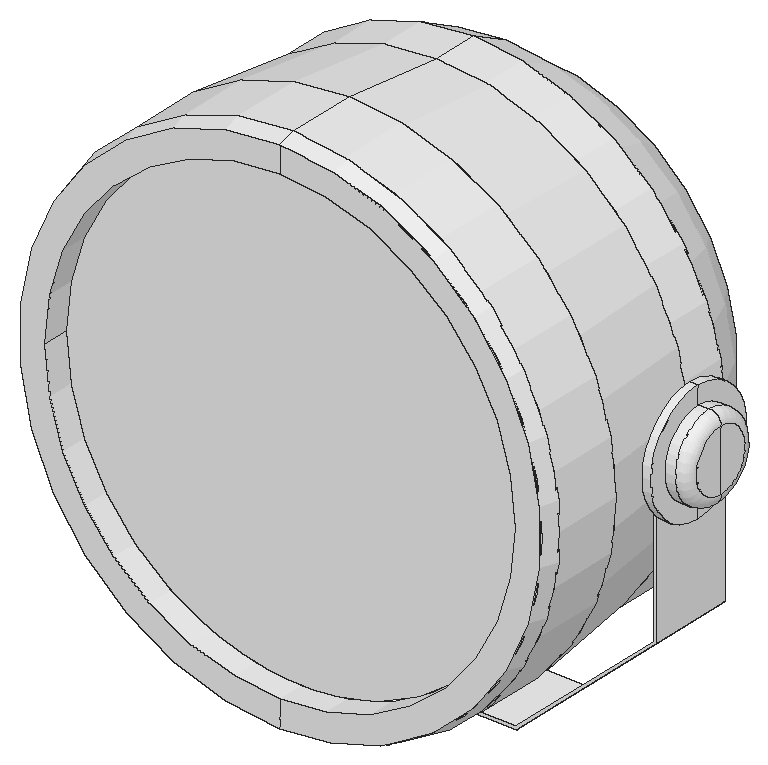
Revit family "Lighting-Accent-Acclaim-Dyna Drum SO SCS", category Lighting Fixtures, host Face, Revit 2016
Family settings
  Host = Face
  Part Type = Normal
  Round Connector Dimension = Use Diameter
  Cut with Voids When Loaded = No
  Light Source = Yes
  Shared = No
  Room Calculation Point = No
Parameters
  Wattage = 9.2903 W
  built-in parameter 1150110 = 1 (stored number, unit not read)
  Voltage = 0 V
  URL = "http://www.acclaimlighting.com/"
  built-in parameter 1114217 = 1 (stored number, unit not read)
  Tilt Angle = -90.00°
  built-in parameter 1150109 = 1 (stored number, unit not read)
  built-in parameter 1150134 = 3
  built-in parameter 1150113 = 1 (stored number, unit not read)
  Power Factor = 1
  Photometric Web File = "Dyna Drum SO 4000K 6Âº.ies"
  Number of Poles = 1
  Model = "Dyna Drum SO SCS"
  Manufacturer = "Acclaim Lighting"
  built-in parameter 1150105 = 109.82 (stored number, unit not read)
  Lumens = 1380 lm
  built-in parameter 1150115 = 1 (stored number, unit not read)
  built-in parameter 1150137 = (empty or 0)
  built-in parameter 1150139 = (empty or 0)
  built-in parameter 1150112 = 1 (stored number, unit not read)
  built-in parameter 1150114 = 1 (stored number, unit not read)
  Lamp = "LED"
  built-in parameter 1150132 = (empty or 0)
  built-in parameter 1150102 = (empty or 0)
  built-in parameter 1150107 = 3200 (stored number, unit not read)
  built-in parameter 1150138 = (empty or 0)
  built-in parameter 1150106 = 1.0982 (stored number, unit not read)
  Housing Finish = Aluminum
  Emit from Circle Diameter = 254 mm
  Emit Shape Visible in Rendering = no
  built-in parameter 1150104 = 13.8 (stored number, unit not read)
  Dimming Lamp Color Temperature Shift = <None>
  Description = "Accent Fixture"
  Default Elevation = 1219.2 mm
  Color Filter = 16777215
  built-in parameter 1114218 = 1 (stored number, unit not read)
  built-in parameter 1150133 = 10 (stored number, unit not read)
  Apparent Load = 0 VA
Reference planes
  plane 1 "Center (Front/Back)": y = 0
  plane 2: z = 0
  plane 3 "Center (Left/Right)": x = 0
  plane 4: x = -169.11
  plane 5: x = 169.11
  plane 6: x = 0
  plane 7: z = 163.83
  plane 8: z = 317.5
  plane 9: y = 106.546
  plane 10: y = -106.546
Forms (mm)
  Revolve 1, solid, material "Aluminum" <- "Housing Finish"
    sketch origin (0, 0, -69.85) x (0, 1, 0) y (0, 0, 1)
      loop
        line (-107.55, 385.056) -> (-107.55, 233.68) -> (105.55, 233.68) -> (105.55, 306.735)
        arc (105.55, 306.735) -> (76.521, 350.932) -> (32.324, 379.961) r 130.341
        line (32.324, 379.961) -> (6.044, 379.961) -> (-56.982, 387.699) -> (-97.687, 387.699) -> (-107.55, 385.056)
      axis (-107.55, 233.68) -> (105.55, 233.68)
    angle from 0 to 360
  Revolve 2, solid, material "Aluminum" <- "Housing Finish"
    sketch origin (10, 0, 0) x (1, 0, 0) y (0, 0, 1)
      loop
        line (159.09, 163.489) -> (159.09, 181.159)
        arc (159.09, 181.159) -> (157.113, 185.93) -> (152.342, 187.907) r 6.748
        line (152.342, 187.907) -> (145.992, 187.907) -> (145.992, 198.11) -> (141.35, 198.11) -> (141.35, 163.489) -> (159.09, 163.489)
      axis (141.35, 163.489) -> (159.09, 163.489)
    angle from 0 to 360
  Extrusion 3, solid, material "Aluminum" <- "Housing Finish"
    sketch origin (0, 0, 0) x (1, 0, 0) y (0, 0, 1)
      loop
        line (-151.292, 170.794) -> (-151.292, 73.068) -> (-70.266, 0) -> (0, 0) -> (70.266, 0) -> (151.292, 73.068) -> (151.292, 170.794) -> (149.705, 170.794) -> (149.705, 73.42) -> (70.049, 1.587) -> (0, 1.587) -> (-70.049, 1.587) -> (-149.705, 73.42) -> (-149.705, 170.794) -> (-151.292, 170.794)
    from -24.794 to 24.289
  Revolve 4, solid, material "Aluminum" <- "Housing Finish"
    sketch origin (-10, 0, 0) x (-1, 0, 0) y (0, 0, 1)
      loop
        line (159.09, 163.489) -> (159.09, 181.159)
        arc (159.09, 181.159) -> (157.113, 185.93) -> (152.342, 187.907) r 6.748
        line (152.342, 187.907) -> (145.992, 187.907) -> (145.992, 198.11) -> (141.35, 198.11) -> (141.35, 163.489) -> (159.09, 163.489)
      axis (141.35, 163.489) -> (159.09, 163.489)
    angle from 0 to 360
  Extrusion 5, void
    sketch origin (0, 0, 0) x (1, 0, 0) y (0, 0, 1)
      loop
        circle (0, 163.83) r 136.281
    from 92.112 to 107.55
Cuts and joins
  Extrusion 5 cuts Revolve 1
Dimensions and locks
  equal spacing: plane 4, plane 3 "Center (Left/Right)", plane 5
  plane 4 to plane 5 = 338.22 mm
  equal spacing: plane 5, plane 3 "Center (Left/Right)", plane 4
  plane 5 to plane 4 = 338.22 mm
  equal spacing: plane 9, plane 1 "Center (Front/Back)", plane 10
  plane 9 to plane 10 = 213.092 mm
  aligned and locked: plane 2 to host face
  aligned and locked: level to host face
  aligned and locked: imposter light to cut or joined group of Revolve 1, Extrusion 5
Automatic sketch dimensions
  host sketch curve to host sketch curve = 2438.4 mm  (x2)
  Revolve 1 sketch curve to plane 7 = 0 mm  (x2)
  Revolve 1 sketch curve to plane 8 = 2.294 mm
  plane 1 "Center (Front/Back)" to Revolve 1 sketch curve = 107.55 mm
  plane 8 to Revolve 1 sketch curve = 0.349 mm
  Revolve 1 sketch curve to Revolve 1 sketch curve = 9.863 mm
  Revolve 1 sketch curve to Revolve 1 sketch curve = 40.704 mm
  plane 1 "Center (Front/Back)" to Revolve 1 sketch curve = 15.644 mm
  Revolve 1 sketch curve to plane 1 "Center (Front/Back)" = 6.044 mm
  Revolve 1 sketch curve to Revolve 1 sketch curve = 26.28 mm
  Revolve 1 sketch curve to plane 1 "Center (Front/Back)" = 105.55 mm
  plane 7 to Revolve 1 sketch curve = 25.087 mm
  Revolve 1 sketch curve to Revolve 1 sketch curve = 73.055 mm
  Revolve 1 sketch curve to Revolve 1 sketch curve = 25 mm
  Revolve 1 sketch curve to Revolve 1 sketch curve = 110.35 mm
  plane 7 to Revolve 2 sketch curve = 34.28 mm
  plane 3 "Center (Left/Right)" to Revolve 2 sketch curve = 151.35 mm
  Revolve 2 sketch curve to Revolve 2 sketch curve = 4.642 mm
  Revolve 2 sketch curve to Revolve 2 sketch curve = 6.35 mm
  Revolve 2 sketch curve to plane 7 = 0.341 mm  (x2)
  Revolve 2 sketch curve to Revolve 2 sketch curve = 17.74 mm
  plane 7 to Revolve 2 sketch curve = 17.329 mm
  Revolve 2 sketch curve to Revolve 2 sketch curve = 0 mm
  Revolve 2 sketch curve to Revolve 2 sketch curve = 29.209 mm
  Revolve 4 sketch curve to plane 7 = 34.28 mm
  plane 3 "Center (Left/Right)" to Revolve 4 sketch curve = 151.35 mm
  Revolve 4 sketch curve to Revolve 4 sketch curve = 4.642 mm
  Revolve 4 sketch curve to Revolve 4 sketch curve = 6.35 mm
  plane 7 to Revolve 4 sketch curve = 0.341 mm  (x2)
  Revolve 4 sketch curve to Revolve 4 sketch curve = 17.74 mm
  Revolve 4 sketch curve to plane 7 = 17.329 mm
  Revolve 4 sketch curve to Revolve 4 sketch curve = 0 mm
  Revolve 4 sketch curve to Revolve 4 sketch curve = 29.209 mm
  Extrusion 3 sketch curve to level = 0 mm
  Extrusion 3 sketch curve to plane 3 "Center (Left/Right)" = 0 mm  (x2)
  level to Extrusion 3 sketch curve = 1.587 mm
  Extrusion 3 sketch curve to Extrusion 3 sketch curve = 70.049 mm
  Extrusion 3 sketch curve to Extrusion 3 sketch curve = 0.217 mm  (x2)
  level to Extrusion 3 sketch curve = 73.42 mm
  Extrusion 3 sketch curve to Extrusion 3 sketch curve = 79.656 mm  (x2)
  Extrusion 3 sketch curve to Extrusion 3 sketch curve = 1.588 mm  (x2)
  plane 3 "Center (Left/Right)" to Extrusion 3 sketch curve = 70.049 mm
  Extrusion 3 sketch curve to Extrusion 3 sketch curve = 0.352 mm  (x2)
  level to Extrusion 3 sketch curve = 73.068 mm
  plane 7 to Extrusion 3 sketch curve = 6.964 mm  (x2)
  Extrusion 5 sketch curve to plane 3 "Center (Left/Right)" = 0 mm
  Extrusion 5 sketch curve to plane 7 = 0 mm
  radius of Extrusion 5 sketch curve = 136.281 mm
Connectors
  electrical at (35.133, 0.253, 0), driven by "Number of Poles", driven by "Voltage", driven by "Apparent Load", driven by "Power Factor"
    settings: on Extrusion 3, index 1, voltage 0 V, apparent load 0 VA, apparent load phase1 0 VA, apparent load phase2 0 VA, apparent load phase3 0 VA, power factor 1, load classification "Other", number of poles 1, system type 31, power factor state 1, is connector primary yes, connector utility no, sub classification motor no, connector description ""
